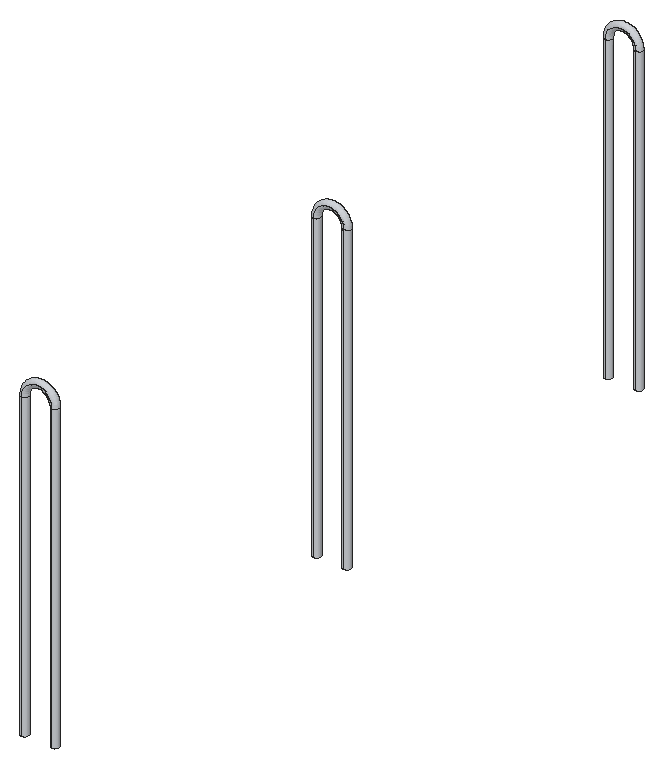
Revit family "2e70464e532f483ab3c2271ac965fb36", category Generic Models, host Face, Revit 2021
Family settings
  Host = Face
  Can host rebar = No
  Round Connector Dimension = Use Diameter
  Part Type = Normal
  Cut with Voids When Loaded = No
  Shared = Yes
  Room Calculation Point = No
Parameters (values of type "3 x L=10'' B=1' D=1/4''")
  Visibility dimension line [instance] = no
  PositionTopLoop [instance] = InstanceHeight - PositionBottomLoop  # 2' - 8"
  PositionCenterLoop [instance] = InstanceHeight / 2  # 1' - 8"
  PositionBottomLoop [instance] = 0' - 8"
  InstanceHeight [instance] = 3' - 4"
  Default Elevation = 4' - 0"
Reference planes (in)
  plane 1 "Center (Front/Back)": y = 0
  plane 2: z = 0
  plane 3 "Center (Left/Right)": x = 0
Dimensions and locks (in)
  "PositionBottomLoop": plane 1 "Center (Front/Back)" to nested 1
  "PositionTopLoop": plane 1 "Center (Front/Back)" to nested 3
  "PositionCenterLoop": plane 1 "Center (Front/Back)" to nested 2
  aligned and locked: plane 2 to host face
  aligned and locked: level to host face
Automatic sketch dimensions
  host sketch curve to host sketch curve = 8' - 0"  (x2)
Nested families (in)
  nested 1: "Noose" at (0, 8, 0), Visibility dimension line <- "Visibility dimension line", type "L=10'' B=1'' D=1/4''"
    with Visibility dimension line no, Length outside 0' - 0.98425", Length 0' - 10", Diameter 0' - 0 1/4", HalfWidth 0' - 0 1/2", Width 0' - 1"
  nested 2: "Noose" at (0, 20, 0), Visibility dimension line <- "Visibility dimension line", type "L=10'' B=1'' D=1/4''"
    with Visibility dimension line no, Length outside 0' - 0.98425", Length 0' - 10", Diameter 0' - 0 1/4", HalfWidth 0' - 0 1/2", Width 0' - 1"
  nested 3: "Noose" at (0, 32, 0), Visibility dimension line <- "Visibility dimension line", type "L=10'' B=1'' D=1/4''"
    with Visibility dimension line no, Length outside 0' - 0.98425", Length 0' - 10", Diameter 0' - 0 1/4", HalfWidth 0' - 0 1/2", Width 0' - 1"
Definition of nested family "Noose"
  Parameters (values of type "L=260 B=30 D=6")
    Visibility dimension line [instance] = no
    Length outside [instance] = 0' - 0.98425"
    Length = 0' - 9.64567"
    Diameter = 0' - 0.23622"
    HalfWidth = Width / 2  # 0' - 0.59055"
    Width = 0' - 1.1811"
    Default Elevation = 0' - 0"
  Types (3): name | Visibility dimension line | Length | Diameter | HalfWidth | Width
    (no name) | no | 0' - 9.64567" | 0' - 0.23622" | 0' - 0.59055" | 0' - 1.1811"
    L=260 B=30 D=6 | no | 0' - 9.64567" | 0' - 0.23622" | 0' - 0.59055" | 0' - 1.1811"
    L=300 B=40 D=8 | yes | 0' - 11.02362" | 0' - 0.31496" | 0' - 0.7874" | 0' - 1.5748"
  Reference planes (in)
    plane 1 "Center ( Front/Back)": y = 0
    plane 2: z = 0
    plane 3 "Center (Left/Right)": x = 0
  Forms (in)
    Sweep 1, solid
      path origin (0, 0, 0) x (1, 0, 0) y (0, 0, 1)
        loop
          line (0.59055, -8.66142) -> (0.59055, 0.98425)
          arc (0.59055, 0.98425) -> (0, 1.5748) -> (-0.59055, 0.98425) r 0.59055
          line (-0.59055, 0.98425) -> (-0.59055, -8.66142)
      profile origin (-0.59055, 0, -3.83858) x (0, -1, 0) y (1, 0, 0)
        loop
          circle (0, 0) r 0.11811
  Lines and regions (in)
    model lines, visible <- "Visibility dimension line"
      curve 1: line (0, 0, 0) -> (0, 0, -0.98425)
  Dimensions and locks (in)
    "Length outside": Sweep 1 sketch curve to level
    "HalfWidth": plane 3 "Center (Left/Right)" to Sweep 1 sketch curve
    "HalfWidth": Sweep 1 sketch curve to plane 3 "Center (Left/Right)"
    "Length": Sweep 1 sketch curve to Sweep 1 sketch curve
    "Diameter": diameter of Sweep 1 sketch curve
    aligned and locked: level to plane 2
  Automatic sketch dimensions
    curve 1 to plane 3 "Center (Left/Right)" = 0' - 0"
    curve 1 to level = 0' - 0"
    curve 1 to level = 0' - 0.98425"
    Sweep 1 sketch curve to Sweep 1 sketch curve = 0' - 0"
    plane 1 "Center ( Front/Back)" to Sweep 1 sketch curve = 0' - 0"
    Sweep 1 sketch curve to profile plane = 0' - 0"
